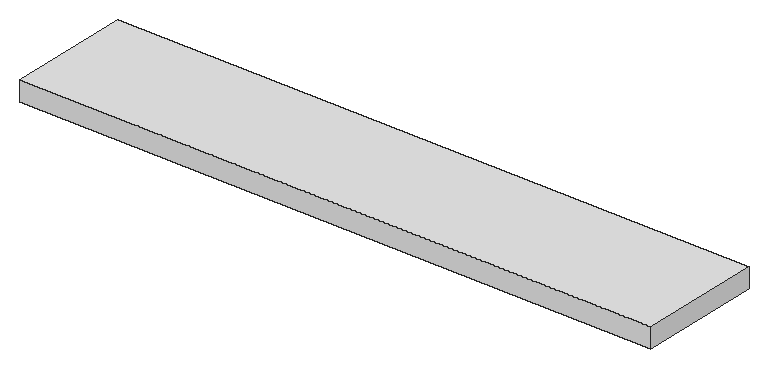
Revit family "11-TRIMBOARD-AND-STEALTH-TRIM-CADS-113-Trimboard-8-4x10-4-REVIT_Versatex-Generic-Model-8-4in-x-10in-TRIMBOARD", category Generic Models, host Face, Revit 2026
Family settings
  Host = Face
  Can host rebar = No
  Round Connector Dimension = Use Diameter
  Part Type = Normal
  Cut with Voids When Loaded = No
  Maintain Annotation Orientation = No
  Shared = No
  Room Calculation Point = No
Parameters
  Model = "TBSM841018"
  Length = 4' - 0"
  Warranty = "https://versatex.com/warranty/"
  URL = "https://versatex.com/"
  Specification = "https://www.arcat.com/company/versatex-45716/spec?coid=45716"
  Sales Information = "https://versatex.com/dealer-locator/"
  Message Manufacturer = "https://versatex.com/contact/"
  Material = Versatex PVC - Smooth
  Manufacturer Website = "https://versatex.com/"
  Manufacturer Phone = "724-857-1111"
  Manufacturer Fax = "724-857-1171"
  Manufacturer Address = "400 Steel Street, Aliquippa, PA 15001"
  Manufacturer = "Versatex"
  Literature = "https://versatex.com/literature/?_sft_literature_category=cads"
  Description = "NOMINAL 8/4” x 10” TRIMBOARD"
  Default Elevation = 4' - 0"
  Copyright = "© 2024 VERSATEX Building Products, LLC"
Reference planes (in)
  plane 1 "Center (Front/Back)": y = 0
  plane 2: z = 0
  plane 3 "Center (Left/Right)": x = 0
  plane 4: x = 24
  plane 5: x = -24
Forms (in)
  Sweep 1, solid, material "Versatex PVC - Smooth" <- "Material"
    path origin (0, 0, 0) x (1, 0, 0) y (0, 1, 0)
      loop
        line (-24, 0) -> (24, 0)
    profile "Versatex_Profile_8-4” x 10” TRIMBOARD : Versatex_Profile_8-4” x 10” TRIMBOARD" origin (0, 0, 0) x (0, 1, 0) y (0, 0, 1)
      loop
        line (0, 0) -> (9.25, 0) -> (9.25, 1.5) -> (0, 1.5) -> (0, 0)
Dimensions and locks (in)
  "Length": plane 5 to plane 4
  equal spacing: plane 5, plane 3 "Center (Left/Right)", plane 4, locked at 24 each
  aligned and locked: plane 2 to host face
  aligned and locked: level to host face
Automatic sketch dimensions
  host sketch curve to host sketch curve = 8' - 0"  (x2)
  plane 1 "Center (Front/Back)" to Sweep 1 sketch curve = 0' - 0"
  Sweep 1 sketch curve to plane 5 = 0' - 0"
  Sweep 1 sketch curve to plane 4 = 0' - 0"
